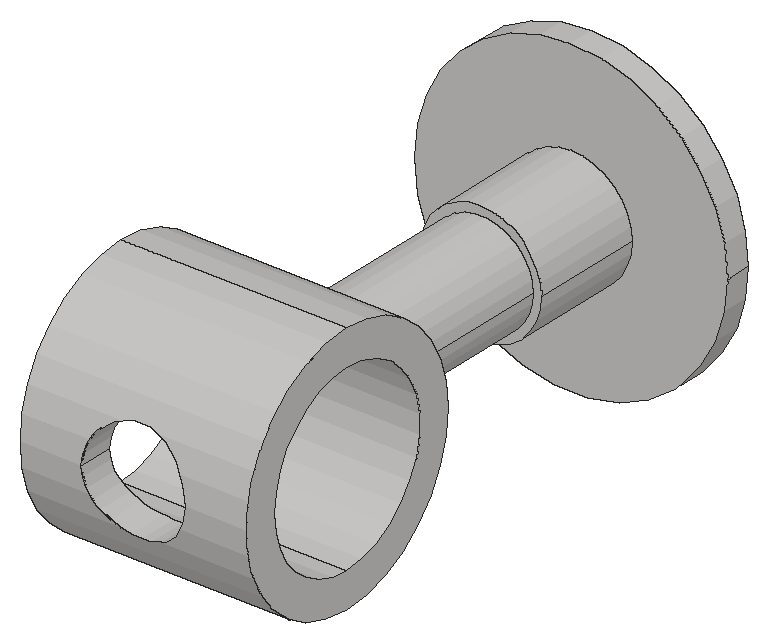
Revit family "T9", category Generic Models, Revit 2021
Family settings
  Can host rebar = No
  Round Connector Dimension = Use Diameter
  Part Type = Normal
  Work Plane-Based = No
  Always vertical = Yes
  Cut with Voids When Loaded = No
  Shared = No
  Room Calculation Point = No
Parameters (values of type "Standard")
  e-mail = "info@vola.com"
  URL = "http://vola.com"
  Telephone = "+45 7023 5500"
  Quality management standard = "ISO 9001"
  Organisation no. / DUNS no. = "17531328"
  Occupational health and safety management standard = "ISO 18001"
  Mounting Instructions = "http://vola.com/service/producturl.ashx?name=T9"
  Model = "T9"
  Materials and components information = "http://vola.com/service/producturl.ashx?name=T9"
  Manufacturer = "VOLA A/S"
  Maintenance Instructions = "http://vola.com/service/producturl.ashx?name=T9"
  Guarantee = "2 years"
  Environmental management standard = "ISO 14000"
  Default Elevation = 0.0000 mm
  Connection - All relevant connections = ""
  Approvals = "http://vola.com/service/producturl.ashx?name=T9"
Reference planes
  plane 1 "Center (Front/Back)": y = 0
  plane 2: z = 0
  plane 3 "Center (Left/Right)": x = 0
Forms (mm)
  Extrusion 1, solid, material "Stainless Steel"
    sketch origin (0, 0, 0) x (1, 0, 0) y (0, 0, 1)
      loop
        circle (0, 0) r 18
    from 0 to 3
  Extrusion 2, solid, material "Stainless Steel"
    sketch origin (0, -3, 0) x (1, 0, 0) y (0, 0, 1)
      loop
        circle (0, 0) r 7
    from 0 to 13
  Extrusion 3, solid, material "Stainless Steel"
    sketch origin (0, -16, 0) x (1, 0, 0) y (0, 0, 1)
      loop
        circle (0, 0) r 6
    from 0 to 22.8
  Extrusion 4, solid, material "Stainless Steel"
    sketch origin (0, 6, -0.311) x (0, 0, 1) y (0, 1, 0)
      loop
        circle (0.311, -57.5) r 14.5
      loop
        circle (0.311, -57.5) r 10.5
    from -13 to 13
  Extrusion 5, void
    sketch origin (0, -16, -14.5) x (-1, 0, 0) y (0, 0, 1)
      loop
        circle (0, 14.5) r 6
    from -50.88 to -42.791
Cuts and joins
  Extrusion 5 cuts Extrusion 4
  joined: Extrusion 3, Extrusion 4
Dimensions and locks
  aligned and locked: plane 2 to level
